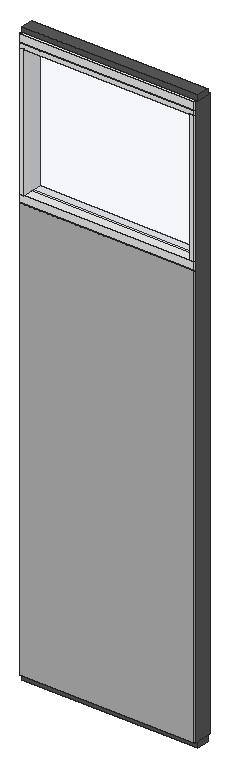
Revit family "Haworth_Enclose-Wall-Solid_Transom1", category Furniture Systems, Revit 2020
Family settings
  Round Connector Dimension = Use Diameter
  Part Type = Normal
  OmniClass Number = 23.25.40.14
  OmniClass Title = Demountable Partitions
  Work Plane-Based = No
  Always vertical = Yes
  Cut with Voids When Loaded = No
  Shared = Yes
  Room Calculation Point = No
Parameters (values of type "36" x 108"")
  Type Comments = ""
  Model = "see catalog for model #"
  Glass Panel Depth = 0.4"  # constant formula
  Description = "Enclose Solid Wall w/ Glass Transom"  # constant formula
  Default Elevation = 0"
  Ceiling Mount = yes
  Panel Size Note = "8in increments"  # constant formula
  Panel Height Note = "All Heights are A.F.F."  # constant formula
  Raceway Panel Width = Actual Width - (2 * End of Run Width)  # 35.69"
  Raceway Panel Front Height = 8.59"  # constant formula
  Raceway Panel Back Height = 8.59"  # constant formula
  PH1B = if(Raceway Panel Back, (Actual Solid Panel Height - Base Height - Raceway Panel Back Height), (Actual Solid Panel Height - Base Height))  # 86.75"
  URL - Product = "http://www.haworth.com/en-us/Products/Architectural/Moveable-Walls/Pages/Enclose.aspx"
  Raceway Panel Front = no
  Raceway Panel Back = no
  Panel Width 2 = Actual Width - (2 * Vertical Frame Width) - (2 * End of Run Width)  # 33.94"
  Panel Height 2 = Actual Height - Actual Solid Panel Height - Horizontal Transom Frame Width - Horizontal Top Adjuster Width - Horizontal Frame Width  # 26.875"
  Raceway Panel Finish = Haworth - Brushed Aluminum
  Panel 3 Front Finish [instance] = Haworth - Paint - Smoke
  Panel 2 Front Finish [instance] = Haworth - Paint - Smoke
  Panel 1 Front Finish [instance] = Haworth - Paint - Smoke
  Panel 3 Back Finish [instance] = Haworth - Paint - Smoke
  Panel 2 Back Finish [instance] = Haworth - Paint - Smoke
  Panel 1 Back Finish [instance] = Haworth - Paint - Smoke
  Offset Front = if(Raceway Panel Front, Raceway Panel Front Height + Base Height, Base Height)  # 1.25"
  Offset Back = if(Raceway Panel Back, Raceway Panel Back Height + Base Height, Base Height)  # 1.25"
  Max # of Panels = if(PH1F < 24", 2, if(PH1B < 24", 2, 3))  # 3
  Material Options = "http://surfaces.haworth.com/library3.cfm"
  Warranty = "http://surfaces.haworth.com/rsWarranty3.cfm"
  Width = 36"
  Vertical Frame Width = 0.875"  # constant formula
  URL = "www.haworth.com"
  LEED Data = "www.haworth.com/_layouts/Haworth.ProductCatalog/Handlers/GetAsset.ashx/Enclose_LEED_Contribution.pdf?cid=180&rid=1981&type=Leed"
  Sustainability Info = "www.haworth.com/en-us/About-Us/Sustainability/Documents/2005-Global-Sustainability-Report.pdf"
  Size = "Verify Final Dim. w/ Haworth"  # constant formula
  Revision Number = "1"  # constant formula
  Panel Width 1 = Actual Width - (2 * End of Run Width)  # 35.69"
  PH1F = if(Raceway Panel Front, (Actual Solid Panel Height - Base Height - Raceway Panel Front Height), (Actual Solid Panel Height - Base Height))  # 86.75"
  Panel Depth = 0.5"  # constant formula
  Min/Max Width = "8-60 in."  # constant formula
  Min/Max Height = "92-144 in."  # constant formula
  Horizontal Transom Frame Width = 1.625"  # constant formula
  Horizontal Top Trim Width = 1.43"  # constant formula
  Horizontal Top Adjuster Width = Cap Height + Horizontal Top Trim Width + 0.195"  # 2.625"
  Horizontal Bottom Adjuster Width = Base Height + Horizontal Bottom Trim Width + 0.195"  # 3.87"
  Glass Offset = Horizontal Bottom Adjuster Width + Horizontal Frame Width  # 4.745"
  Min. Width = 8"  # constant formula
  Max. Width = 60"  # constant formula
  Min. Height = 92"  # constant formula
  Max. Height = 144"  # constant formula
  Manufacturer = "Haworth"  # constant formula
  Horizontal Frame Width = 0.875"  # constant formula
  Horizontal Bottom Trim Width = 2.425"  # constant formula
  Height = 120"
  End of Run Width = 0.155"  # constant formula
  Frame Depth = 4"  # constant formula
  End of Run Right Width [instance] = if(End of Run Right, 1.845", End of Run Width)  # 0.155"
  End of Run Right [instance] = no
  End of Run Left Width [instance] = if(End of Run Left, 1.845", End of Run Width)  # 0.155"
  End of Run Left [instance] = no
  Cap Height = 1"  # constant formula
  Base Height = 1.25"  # constant formula
  Author = "SHAPE Environments, LLC"  # constant formula
  Assembly Code = "C1010200"
  Actual Width = if(Width < Min. Width, Min. Width, if(Width > Max. Width, Max. Width, Width))  # 36"
  Actual Height = if(Height < Min. Height, Min. Height, if(Height > Max. Height, Max. Height, Height))  # 120"
  Frame Finish = Haworth - Brushed Aluminum
  Glass Finish = Haworth - Glass - Clear
  End of Run Finish = Haworth - Plastic - Black
  Transom Panel Height = Actual Height - Actual Solid Panel Height  # 32"
  AFF Solid Panel Height = 88"
  Actual Solid Panel Height = if(AFF Solid Panel Height < 24.59" + Base Height, 24.59" + Base Height, if(AFF Solid Panel Height > Actual Height - Cap Height - 8", Actual Height - Cap Height - 8", AFF Solid Panel Height))  # 88"
  Actual # of Panels Front = if(# of Panels Front > Max # of Panels, Max # of Panels, if(# of Panels Front < 1, 1, # of Panels Front))  # 1
  Actual # of Panels Back = if(# of Panels Back > Max # of Panels, Max # of Panels, if(# of Panels Back < 1, 1, # of Panels Back))  # 1
  # of Panels Front = 1
  # of Panels Back = 1
  Actual Panel 2 Front Height = if(not(Actual Solid Panel Height > 25.84"), Actual Panel 1 Front Height + 4", if(Panel 2 Front Height < Actual Panel 1 Front Height + 8", Actual Panel 1 Front Height + 8", if(Panel 2 Front Height > Actual Solid Panel Height - 8", Actual Solid Panel Height - 8", Panel 2 Front Height)))  # 64"
  Actual Panel 1 Front Height = if(Panel 1 Front Height < 8" + Offset Front, 8" + Offset Front, if(and(Actual # of Panels Front = 3, Panel 1 Front Height > Actual Solid Panel Height - 16"), Actual Solid Panel Height - 16", if(and(Actual # of Panels Front = 2, Panel 1 Front Height > Actual Solid Panel Height - 8"), Actual Solid Panel Height - 8", Panel 1 Front Height)))  # 32"
  Actual Panel 2 Back Height = if(not(Actual Solid Panel Height > 25.84"), Actual Panel 1 Back Height + 4", if(Panel 2 Back Height < Actual Panel 1 Back Height + 8", Actual Panel 1 Back Height + 8", if(Panel 2 Back Height > Actual Solid Panel Height - 8", Actual Solid Panel Height - 8", Panel 2 Back Height)))  # 64"
  Actual Panel 1 Back Height = if(Panel 1 Back Height < 8" + Offset Back, 8" + Offset Back, if(and(Actual # of Panels Back = 3, Panel 1 Back Height > Actual Solid Panel Height - 16"), Actual Solid Panel Height - 16", if(and(Actual # of Panels Back = 2, Panel 1 Back Height > Actual Solid Panel Height - 8"), Actual Solid Panel Height - 8", Panel 1 Back Height)))  # 32"
  Panel 2 Front Height = 64"
  Panel 1 Front Height = 32"
  Panel 2 Back Height = 64"
  Panel 1 Back Height = 32"
Types (3): name | Raceway Panel Width | PH1B | Panel Width 2 | Panel Height 2 | Width | Panel Width 1 | PH1F | Height | Actual Width | Actual Height | Transom Panel Height | AFF Solid Panel Height | Actual Solid Panel Height
  36" x 108" | 35.69" | 86.75" | 33.94" | 26.875" | 36" | 35.69" | 86.75" | 120" | 36" | 120" | 32" | 88" | 88"
  30" x 108" | 29.69" | 86.75" | 27.94" | 14.875" | 30" | 29.69" | 86.75" | 108" | 30" | 108" | 20" | 88" | 88"
  48" x 108" | 47.69" | 74.75" | 45.94" | 26.875" | 48" | 47.69" | 74.75" | 108" | 48" | 108" | 32" | 76" | 76"
Reference planes (in)
  plane 1 "Center F/B": y = -0.17786
  plane 2: z = 0
  plane 3 "Center L/R": x = -2.36364
  plane 4 "Left": x = -20.36364
  plane 5 "Right": x = 15.63636
  plane 6 "Top": z = 120
  plane 7 "Back": y = 1.82214
  plane 8 "Front": y = -2.17786
  plane 9 "Left Frame Outside": x = -20.20864
  plane 10 "Left Frame Inside": x = -19.33364
  plane 11 "Right Frame Outside": x = 15.48136
  plane 12 "Right Frame Inside": x = 14.60636
  plane 13 "End of Run Right": x = 15.63636
  plane 14 "End of Run Left": x = -20.36364
  plane 15 "Top Frame Outside": z = 117.375
  plane 16 "Top Trim Outside": z = 119
  plane 17 "Top Frame Inside": z = 116.5
  plane 18 "Bottom Frame Outside": z = 3.87
  plane 19 "Bottom Adjuster": z = 1.25
  plane 20 "Bottom Frame Inside": z = 4.745
  plane 21 "Panel Transition": z = 88
  plane 22 "Transition Trim": z = 89.625
  plane 23 "Raceway Top Front": z = 9.84
  plane 24 "Raceway Top Back": z = 9.84
Forms (in)
  Sweep 1, solid, material "Haworth - Plastic - Black" <- "End of Run Finish"
    path origin (0, -0.17786, 0) x (1, 0, 0) y (0, 0, 1)
      loop
        line (-20.20864, 119) -> (-20.20864, 1.25)
    profile "Haworth_Enclose - Postcap : Left" origin (-20.20864, -0.17786, 60.125) x (1, 0, 0) y (0, -1, 0)
      loop
        line (0, 1.805) -> (-0.155, 1.805) -> (-0.155, -1.805) -> (0, -1.805) -> (0, 1.805)
  Sweep 2, solid, material "Haworth - Plastic - Black" <- "End of Run Finish"
    path origin (0, -0.17786, 0) x (1, 0, 0) y (0, 0, 1)
      loop
        line (15.48136, 119) -> (15.48136, 1.25)
    profile "Haworth_Enclose - Postcap : Right" origin (15.48136, -0.17786, 60.125) x (1, 0, 0) y (0, -1, 0)
      loop
        line (0, 1.805) -> (0, -1.805) -> (0.155, -1.805) -> (0.155, 1.805) -> (0, 1.805)
  Sweep 3, solid, material "Haworth - Brushed Aluminum" <- "Frame Finish"
    path origin (0, -0.17786, 0) x (1, 0, 0) y (0, 0, 1)
      loop
        line (15.48136, 116.5) -> (-20.20864, 116.5)
    profile "Haworth_Enclose - Horizontal_Frame : Horizontal" origin (-2.36364, -0.17786, 116.5) x (0, 0, -1) y (0, -1, 0)
      loop
        line (0, 2) -> (-0.875, 2) -> (-0.875, -2) -> (0, -2) -> (0, 2)
  Sweep 4, solid, material "Haworth - Brushed Aluminum" <- "Frame Finish"
    path origin (0, -0.17786, 0) x (1, 0, 0) y (0, 0, 1)
      loop
        line (-20.20864, 119) -> (15.48136, 119)
    profile "Haworth_Enclose - Horizontal_Trim : Top" origin (-2.36364, -0.17786, 119) x (0, 0, 1) y (0, -1, 0)
      loop
        line (0, 2) -> (-1.43, 2) -> (-1.43, 1.805) -> (-1.625, 1.805) -> (-1.625, -1.805) -> (-1.43, -1.805) -> (-1.43, -2) -> (0, -2) -> (0, 2)
  Sweep 5, solid, material "Haworth - Plastic - Black", visible <- "Ceiling Mount"
    path origin (0, -0.17786, 0) x (1, 0, 0) y (0, 0, 1)
      loop
        line (-20.36364, 120) -> (15.63636, 120)
    profile "Haworth_Enclose - Horizontal_Track : Ceiling" origin (-2.36364, -0.17786, 120) x (0, 0, 1) y (0, -1, 0)
      loop
        line (0, 1.28) -> (-1, 1.28) -> (-1, -1.28) -> (0, -1.28) -> (0, 1.28)
  Sweep 6, solid, material "Haworth - Plastic - Black"
    path origin (0, -0.17786, 0) x (1, 0, 0) y (0, 0, 1)
      loop
        line (15.63636, 0) -> (-20.36364, 0)
    profile "Haworth_Enclose - Horizontal_Track : Base" origin (-2.36364, -0.17786, 0) x (0, 0, -1) y (0, -1, 0)
      loop
        line (0, 1.28) -> (-1.25, 1.28) -> (-1.25, -1.28) -> (0, -1.28) -> (0, 1.28)
  Sweep 7, solid, material "Haworth - Brushed Aluminum" <- "Frame Finish"
    path origin (0, -0.17786, 0) x (1, 0, 0) y (0, 0, 1)
      loop
        line (-20.20864, 89.625) -> (-20.20864, 116.5)
    profile "Haworth_Enclose - Vertical_Frame : Vertical" origin (-20.20864, -0.17786, 103.0625) x (-1, 0, 0) y (0, -1, 0)
      loop
        line (0, 2) -> (-0.875, 2) -> (-0.875, -2) -> (0, -2) -> (0, 2)
  Sweep 8, solid, material "Haworth - Brushed Aluminum" <- "Frame Finish"
    path origin (0, -0.17786, 0) x (1, 0, 0) y (0, 0, 1)
      loop
        line (-20.20864, 89.625) -> (15.48136, 89.625)
    profile "Haworth_Enclose - Horizontal_Trim : Transom" origin (-2.36364, -0.17786, 89.625) x (0, 0, 1) y (0, -1, 0)
      loop
        line (0, 2) -> (-1.43, 2) -> (-1.43, 1.805) -> (-1.625, 1.805) -> (-1.625, -1.805) -> (-1.43, -1.805) -> (-1.43, -2) -> (0, -2) -> (0, 2)
  Sweep 9, solid, material "Haworth - Brushed Aluminum" <- "Frame Finish"
    path origin (0, -0.17786, 0) x (1, 0, 0) y (0, 0, 1)
      loop
        line (15.48136, 89.625) -> (15.48136, 116.5)
    profile "Haworth_Enclose - Vertical_Frame : Vertical" origin (15.48136, -0.17786, 103.0625) x (-1, 0, 0) y (0, -1, 0)
      loop
        line (0, 2) -> (0, -2) -> (0.875, -2) -> (0.875, 2) -> (0, 2)
Lines and regions (in)
  Masking region 1
    outline origin (0, 0, 0) x (1, 0, 0) y (0, 1, 0)
      loop
        line (-20.36364, 1.82214) -> (-20.36364, -2.17786) -> (15.63636, -2.17786) -> (15.63636, 1.82214) -> (-20.36364, 1.82214)
  symbolic lines, style "Haworth", detail levels medium+fine
    curve 1: line (14.60636, 1.32214, 0) -> (14.60636, -1.67786, 0)
    curve 4: line (-19.33364, -1.67786, 0) -> (-19.33364, 1.32214, 0)
    curve 5: line (-20.36364, 1.32214, 0) -> (15.63636, 1.32214, 0)
    curve 6: line (15.63636, -1.67786, 0) -> (-20.36364, -1.67786, 0)
  symbolic lines, style "FurnitureSystemsHiddenLines", detail levels medium+fine
    curve 2: line (14.60636, -0.37786, 0) -> (-19.33364, -0.37786, 0)
    curve 3: line (14.60636, 0.02214, 0) -> (-19.33364, 0.02214, 0)
Dimensions and locks (in)
  equal spacing: plane 4 "Left", plane 3 "Center L/R", plane 5 "Right"
  "Actual Width": plane 4 "Left" to plane 5 "Right"
  "End of Run Width": plane 4 "Left" to plane 9 "Left Frame Outside"
  "Vertical Frame Width": plane 9 "Left Frame Outside" to plane 10 "Left Frame Inside"
  "End of Run Width": plane 11 "Right Frame Outside" to plane 5 "Right"
  "End of Run Right Width": plane 11 "Right Frame Outside" to plane 13 "End of Run Right"
  "End of Run Left Width": plane 14 "End of Run Left" to plane 9 "Left Frame Outside"
  "Vertical Frame Width": plane 12 "Right Frame Inside" to plane 11 "Right Frame Outside"
  equal spacing: plane 7 "Back", plane 1 "Center F/B", plane 8 "Front"
  "Frame Depth": plane 7 "Back" to plane 8 "Front"
  "Actual Height": plane 6 "Top" to level
  "Cap Height": plane 6 "Top" to plane 16 "Top Trim Outside"
  "Horizontal Frame Width": plane 15 "Top Frame Outside" to plane 17 "Top Frame Inside"
  "Base Height": plane 19 "Bottom Adjuster" to level
  "Horizontal Frame Width": plane 20 "Bottom Frame Inside" to plane 18 "Bottom Frame Outside"
  "Horizontal Bottom Adjuster Width": plane 18 "Bottom Frame Outside" to plane 2
  "Horizontal Top Adjuster Width": plane 6 "Top" to plane 15 "Top Frame Outside"
  "Actual Solid Panel Height": plane 21 "Panel Transition" to plane 2
  "Horizontal Transom Frame Width": plane 22 "Transition Trim" to plane 21 "Panel Transition"
  "Raceway Panel Front Height": plane 23 "Raceway Top Front" to plane 19 "Bottom Adjuster"
  "Raceway Panel Back Height": plane 19 "Bottom Adjuster" to plane 24 "Raceway Top Back"
  aligned and locked: Sweep 1 sketch curve to plane 9 "Left Frame Outside"
  aligned and locked: Sweep 2 sketch curve to plane 11 "Right Frame Outside"
  aligned and locked: plane 17 "Top Frame Inside" to Sweep 3 sketch curve
  aligned and locked: plane 9 "Left Frame Outside" to Sweep 3 sketch curve
  aligned and locked: plane 11 "Right Frame Outside" to Sweep 3 sketch curve
  aligned and locked: Sweep 4 sketch curve to plane 16 "Top Trim Outside"
  aligned and locked: plane 11 "Right Frame Outside" to Sweep 4 sketch curve
  aligned and locked: plane 9 "Left Frame Outside" to Sweep 4 sketch curve
  aligned and locked: plane 13 "End of Run Right" to Sweep 5 sketch curve
  aligned and locked: plane 14 "End of Run Left" to Sweep 5 sketch curve
  aligned and locked: plane 14 "End of Run Left" to Sweep 6 sketch curve
  aligned and locked: plane 13 "End of Run Right" to Sweep 6 sketch curve
  aligned and locked: plane 2 to Sweep 6 sketch curve
  aligned and locked: Sweep 5 sketch curve to plane 6 "Top"
  aligned and locked: Masking region 1 sketch curve to plane 7 "Back"
  aligned and locked: plane 8 "Front" to Masking region 1 sketch curve
  aligned and locked: plane 19 "Bottom Adjuster" to Sweep 1 sketch curve
  aligned and locked: plane 16 "Top Trim Outside" to Sweep 1 sketch curve
  aligned and locked: plane 16 "Top Trim Outside" to Sweep 2 sketch curve
  aligned and locked: plane 19 "Bottom Adjuster" to Sweep 2 sketch curve
  aligned and locked: plane 9 "Left Frame Outside" to Sweep 7 sketch curve
  aligned and locked: plane 17 "Top Frame Inside" to Sweep 7 sketch curve
  aligned and locked: Sweep 8 sketch curve to plane 22 "Transition Trim"
  aligned and locked: plane 11 "Right Frame Outside" to Sweep 8 sketch curve
  aligned and locked: plane 9 "Left Frame Outside" to Sweep 8 sketch curve
  aligned and locked: plane 22 "Transition Trim" to Sweep 7 sketch curve
  aligned and locked: plane 11 "Right Frame Outside" to Sweep 9 sketch curve
  aligned and locked: plane 17 "Top Frame Inside" to Sweep 9 sketch curve
  aligned and locked: plane 22 "Transition Trim" to Sweep 9 sketch curve
  aligned and locked: plane 3 "Center L/R" to nested 1
  aligned and locked: plane 1 "Center F/B" to nested 1
  aligned and locked: nested 1 to plane 22 "Transition Trim"
  aligned and locked: plane 3 "Center L/R" to nested 2
  aligned and locked: plane 8 "Front" to nested 2
  aligned and locked: nested 3 to plane 3 "Center L/R"
  aligned and locked: plane 7 "Back" to nested 3
  aligned and locked: nested 2 to plane 19 "Bottom Adjuster"
  aligned and locked: plane 19 "Bottom Adjuster" to nested 3
  aligned and locked: curve 5 to nested 3
  aligned and locked: curve 6 to nested 2
  aligned and locked: plane 14 "End of Run Left" to curve 5
  aligned and locked: plane 14 "End of Run Left" to curve 6
  aligned and locked: plane 13 "End of Run Right" to curve 5
  aligned and locked: plane 13 "End of Run Right" to curve 6
  aligned and locked: plane 3 "Center L/R" to nested 4
  aligned and locked: plane 8 "Front" to nested 4
  aligned and locked: nested 5 to plane 3 "Center L/R"
  aligned and locked: plane 7 "Back" to nested 5
  aligned and locked: Masking region 1 to plane 14 "End of Run Left"
  aligned and locked: plane 13 "End of Run Right" to Masking region 1
  aligned and locked: plane 21 "Panel Transition" to nested 4
  aligned and locked: nested 5 to plane 21 "Panel Transition"
  aligned and locked: curve 2 to nested 1
  aligned and locked: curve 3 to nested 1
Automatic sketch dimensions
  Masking region 1 sketch curve to plane 4 "Left" = 0"
  plane 5 "Right" to Masking region 1 sketch curve = 0"
  curve 4 to plane 10 "Left Frame Inside" = 0"
  curve 2 to plane 12 "Right Frame Inside" = 0"
Nested families (in)
  nested 1: "Haworth_Enclose - Panel_Glass" at (-3.54385, -0.14763, 89.625), type "Haworth_Enclose - Panel_Glass"
    with Panel Width 33.94", Panel Height 26.875", Panel Depth 0.4"
  nested 2: "Haworth_Enclose - Panel_Solid" at (-3.54385, -1.89763, 1.25), Panel Height <- "Raceway Panel Front Height", visible <- "Raceway Panel Front", type "Raceway Panel"
    with Panel Height 8.59"
  nested 3: "Haworth_Enclose - Panel_Solid" at (-3.54385, 1.5419, 1.25), Panel Height <- "Raceway Panel Back Height", visible <- "Raceway Panel Back", type "Raceway Panel"
    with Panel Height 8.59"
  nested 4: "Haworth_Enlcose - Panel_Solid-Tiles" at (-3.54385, -1.89763, 1.25), built-in parameter 1001364 <- "Offset Front", Panel 3 Finish <- "Panel 3 Front Finish", Panel 2 Finish <- "Panel 2 Front Finish", Panel 1 Finish <- "Panel 1 Front Finish", # of Panels <- "Actual # of Panels Front", type "Front"
    with Panel 3 Finish Haworth - Paint - Smoke, Panel 2 Finish Haworth - Paint - Smoke, Panel 1 Finish Haworth - Paint - Smoke, Actual # of Panels 1, 3 Panel no, 2 Panel no, 1 Panel yes, # of Panels 1, Offset 1.25", Actual 2H 62.75", Actual 1H 30.75", 2H 64", 1H 32", Actual Height 86.75"
  nested 5: "Haworth_Enlcose - Panel_Solid-Tiles" at (-3.54385, 1.5419, 1.25), built-in parameter 1001364 <- "Offset Back", Panel 3 Finish <- "Panel 3 Back Finish", Panel 2 Finish <- "Panel 2 Back Finish", Panel 1 Finish <- "Panel 1 Back Finish", # of Panels <- "Actual # of Panels Back", type "Back"
    with Panel 3 Finish Haworth - Paint - Smoke, Panel 2 Finish Haworth - Paint - Smoke, Panel 1 Finish Haworth - Paint - Smoke, Actual # of Panels 1, 3 Panel no, 2 Panel no, 1 Panel yes, # of Panels 1, Offset 1.25", Actual 2H 62.75", Actual 1H 30.75", 2H 64", 1H 32", Actual Height 86.75"
Definition of nested family "Haworth_Enclose - Panel_Glass"
  Parameters
    Panel Width = 36"
    Panel Height = 108"
    Panel Finish = none
    Panel Depth = 0.5"
    Default Elevation = 0"
  Reference planes (in)
    plane 1 "Center F/B": y = -0.03024
    plane 2: z = 0
    plane 3 "Center L/R": x = 1.1802
    plane 4 "Left": x = -16.8198
    plane 5 "Right": x = 19.1802
    plane 6 "Back": y = 0.21976
    plane 7 "Front": y = -0.28024
    plane 8 "Top": z = 108
  Forms (in)
    Extrusion 1, solid, material <- "Panel Finish"
      sketch origin (0, -0.03024, 0) x (1, 0, 0) y (0, 0, 1)
        loop
          line (-16.8198, 108) -> (-16.8198, 0) -> (19.1802, 0) -> (19.1802, 108) -> (-16.8198, 108)
      from -0.25 to 0.25
  Dimensions and locks (in)
    "Panel Height": plane 8 "Top" to level
    equal spacing: plane 6 "Back", plane 1 "Center F/B", plane 7 "Front"
    "Panel Depth": plane 6 "Back" to plane 7 "Front"
    equal spacing: plane 4 "Left", plane 3 "Center L/R", plane 5 "Right"
    "Panel Width": plane 4 "Left" to plane 5 "Right"
    aligned and locked: plane 4 "Left" to Extrusion 1 sketch curve
    aligned and locked: Extrusion 1 sketch curve to plane 8 "Top"
    aligned and locked: level to Extrusion 1 sketch curve
    aligned and locked: Extrusion 1 sketch curve to plane 5 "Right"
    aligned and locked: plane 6 "Back" to Extrusion 1
    aligned and locked: Extrusion 1 to plane 7 "Front"
Definition of nested family "Haworth_Enclose - Panel_Solid"
  Parameters
    URL = "www.haworth.com"
    Revision Number = "1"  # constant formula
    Revision Date = ""
    Panel Width = 35.69"
    Panel Height [instance] = 74.75"
    Panel Finish = none
    Panel Depth = 0.5"
    Manufacturer = "Haworth"  # constant formula
    Default Elevation = 0"
    Author = "SHAPE Environments, LLC"  # constant formula
    Assembly Code = ""
  Reference planes (in)
    plane 1 "Center F/B": y = -0.03024
    plane 2: z = 0
    plane 3 "Center L/R": x = 1.1802
    plane 4 "Left": x = -16.6648
    plane 5 "Right": x = 19.0252
    plane 6 "Back": y = 0.21976
    plane 7 "Front": y = -0.28024
    plane 8 "Top": z = 74.75
  Forms (in)
    Extrusion 1, solid, material <- "Panel Finish"
      sketch origin (0, -0.03024, 0) x (1, 0, 0) y (0, 0, 1)
        loop
          line (-16.6648, 74.75) -> (-16.6648, 0) -> (19.0252, 0) -> (19.0252, 74.75) -> (-16.6648, 74.75)
      from -0.25 to 0.25
  Dimensions and locks (in)
    "Panel Height": plane 8 "Top" to level
    equal spacing: plane 6 "Back", plane 1 "Center F/B", plane 7 "Front"
    "Panel Depth": plane 6 "Back" to plane 7 "Front"
    equal spacing: plane 4 "Left", plane 3 "Center L/R", plane 5 "Right"
    "Panel Width": plane 4 "Left" to plane 5 "Right"
    aligned and locked: plane 4 "Left" to Extrusion 1 sketch curve
    aligned and locked: Extrusion 1 sketch curve to plane 8 "Top"
    aligned and locked: level to Extrusion 1 sketch curve
    aligned and locked: Extrusion 1 sketch curve to plane 5 "Right"
    aligned and locked: plane 6 "Back" to Extrusion 1
    aligned and locked: Extrusion 1 to plane 7 "Front"
Definition of nested family "Haworth_Enlcose - Panel_Solid-Tiles"
  Parameters
    URL = "www.haworth.com"
    Revision Number = "1"  # constant formula
    Revision Date = ""
    Panel Width = 35.69"
    Panel Depth = 0.5"
    Offset = 9.25"
    Panel 3 Finish [instance] = none
    Default Elevation = 0"
    Actual 2H = [2H] - Offset  # 14.75"
    Actual 1H = [1H] - Offset  # 6.75"
    Actual # of Panels [instance] = if(# of Panels > 3, 3, # of Panels)  # 3
    3 Panel [instance] = Actual # of Panels = 3  # yes
    2H = 24"
    Panel 2 Finish [instance] = none
    2 Panel [instance] = Actual # of Panels = 2  # no
    1H = 16"
    Panel 1 Finish [instance] = none
    1 Panel [instance] = Actual # of Panels = 1  # no
    Manufacturer = "Haworth"  # constant formula
    Author = "SHAPE Environments, LLC"  # constant formula
    Assembly Code = ""
    Actual Height = 44.75"
    # of Panels [instance] = 3
  Reference planes (in)
    plane 1 "Center F/B": y = -0.03024
    plane 2 "Bottom": z = 0
    plane 3 "Center L/R": x = 1.1802
    plane 4 "Left": x = -16.6648
    plane 5 "Right": x = 19.0252
    plane 6 "Back": y = 0.21976
    plane 7 "Front": y = -0.28024
    plane 8 "Top": z = 44.75
    plane 9: z = 14.75
    plane 10: z = 6.75
  Forms (in)
    Extrusion 1, solid, material <- "Panel 1 Finish", visible <- "1 Panel"
      sketch origin (0, -0.03024, -6.5) x (1, 0, 0) y (0, 0, 1)
        loop
          line (-16.6648, 51.25) -> (-16.6648, 6.5) -> (19.0252, 6.5) -> (19.0252, 51.25) -> (-16.6648, 51.25)
      from -0.25 to 0.25
    Extrusion 2, solid, material <- "Panel 1 Finish", visible <- "2 Panel"
      sketch origin (0, -0.03024, -6.5) x (1, 0, 0) y (0, 0, 1)
        loop
          line (-16.6648, 13.25) -> (-16.6648, 6.5) -> (19.0252, 6.5) -> (19.0252, 13.25) -> (-16.6648, 13.25)
      from -0.25 to 0.25
    Extrusion 3, solid, material <- "Panel 2 Finish", visible <- "2 Panel"
      sketch origin (0, -0.03024, -6.5) x (1, 0, 0) y (0, 0, 1)
        loop
          line (-16.6648, 51.25) -> (-16.6648, 13.25) -> (19.0252, 13.25) -> (19.0252, 51.25) -> (-16.6648, 51.25)
      from -0.25 to 0.25
    Extrusion 4, solid, material <- "Panel 1 Finish", visible <- "3 Panel"
      sketch origin (0, -0.03024, -6.5) x (1, 0, 0) y (0, 0, 1)
        loop
          line (-16.6648, 13.25) -> (-16.6648, 6.5) -> (19.0252, 6.5) -> (19.0252, 13.25) -> (-16.6648, 13.25)
      from -0.25 to 0.25
    Extrusion 5, solid, material <- "Panel 2 Finish", visible <- "3 Panel"
      sketch origin (0, -0.03024, -6.5) x (1, 0, 0) y (0, 0, 1)
        loop
          line (-16.6648, 21.25) -> (-16.6648, 13.25) -> (19.0252, 13.25) -> (19.0252, 21.25) -> (-16.6648, 21.25)
      from -0.25 to 0.25
    Extrusion 6, solid, material <- "Panel 3 Finish", visible <- "3 Panel"
      sketch origin (0, -0.03024, -6.5) x (1, 0, 0) y (0, 0, 1)
        loop
          line (-16.6648, 51.25) -> (-16.6648, 21.25) -> (19.0252, 21.25) -> (19.0252, 51.25) -> (-16.6648, 51.25)
      from -0.25 to 0.25
  Dimensions and locks (in)
    equal spacing: plane 6 "Back", plane 1 "Center F/B", plane 7 "Front"
    "Panel Depth": plane 6 "Back" to plane 7 "Front"
    equal spacing: plane 4 "Left", plane 3 "Center L/R", plane 5 "Right"
    "Panel Width": plane 4 "Left" to plane 5 "Right"
    "Actual 1H": plane 10 to level
    "Actual 2H": plane 9 to level
    "Actual Height": plane 8 "Top" to plane 2 "Bottom"
    aligned and locked: plane 4 "Left" to Extrusion 2 sketch curve
    aligned and locked: Extrusion 2 sketch curve to plane 10
    aligned and locked: Extrusion 2 sketch curve to Extrusion 1
    aligned and locked: Extrusion 3 sketch curve to Extrusion 2  (x2)
    aligned and locked: Extrusion 3 to Extrusion 4 sketch curve
    aligned and locked: Extrusion 4 sketch curve to Extrusion 2
    aligned and locked: Extrusion 4 sketch curve to Extrusion 1
    aligned and locked: plane 4 "Left" to Extrusion 5 sketch curve
    aligned and locked: Extrusion 5 sketch curve to plane 9
    aligned and locked: Extrusion 5 sketch curve to Extrusion 2
    aligned and locked: Extrusion 5 sketch curve to Extrusion 3
    aligned and locked: Extrusion 6 sketch curve to Extrusion 5  (x2)
  Automatic sketch dimensions
    Extrusion 1 sketch curve to plane 5 "Right" = 0"
    Extrusion 1 sketch curve to plane 4 "Left" = 0"
    Extrusion 1 sketch curve to plane 8 "Top" = 0"
    Extrusion 3 sketch curve to plane 4 "Left" = 0"
    Extrusion 3 sketch curve to plane 8 "Top" = 0"
    Extrusion 6 sketch curve to plane 4 "Left" = 0"
    Extrusion 6 sketch curve to plane 8 "Top" = 0"
    level to Extrusion 1 sketch curve = 0"
    level to Extrusion 2 sketch curve = 0"
    level to Extrusion 4 sketch curve = 0"
